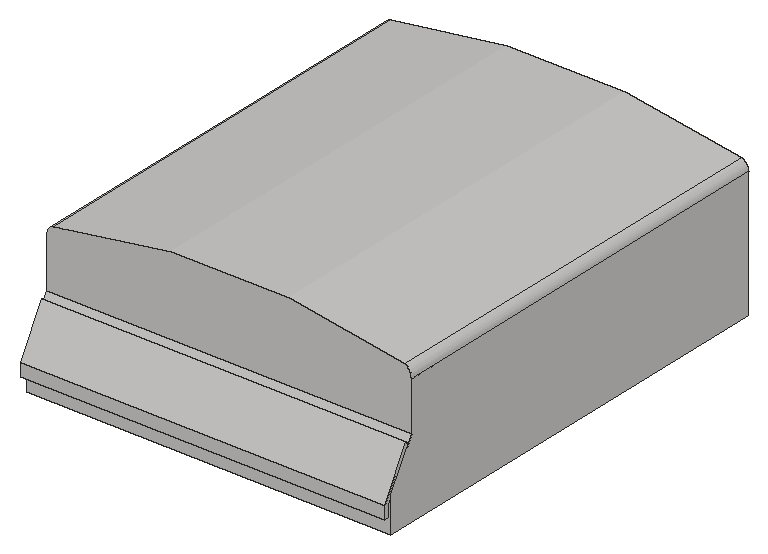
Revit family
Parameters (values of type "B-4262")
  offset [instance] = 0' - 0"
  Warranty Duration (Years) = 0
  Unit Width = 0' - 10 13/16"
  Unit Height = 1' - 1 1/4"
  Unit Depth = 0' - 4 7/8"
  URL = "http://www.bobrick.com/Pages/default.aspx"
  Specification = ""
  SpecWizard = ""
  Send Message = "http://www.arcat.com/users.pl?action=UserEmail&company=Bobrick+Washroom+Equipment,+Inc.&coid=30988&rep=156&fax=818-503-1930&mf="
  Sales Information = "http://www.bobrick.com/Pages/ContactUs.aspx"
  Revision = "R1_10-2012"
  Product Properties = ""
  Product Data = "http://arcat.com/arcatcos/cos30/arc30988.html?isac=1&r=1"
  Mounting Height [instance] = 4' - 0"
  Model = "B-4262"
  Manufacturer Website = "http://www.bobrick.com/Pages/default.aspx"
  Manufacturer Phone - Toll Free = ""
  Manufacturer Phone = "818-764-1000"
  Manufacturer Fax = "818-503-1930"
  Manufacturer Address = "11611 Hart St. North Hollywood, CA 91605-5882"
  Manufacturer = "Bobrick Washroom Equipment, Inc."
  Maintenance Schedule (Months) = 0
  Keynote = "102813"
  Installation-Fabrication = "http://www.bobrick.com/washroomaccessories/Pages/WashroomAccessories.aspx"
  Installation Phase = ""
  Green Building-LEED = ""
  Finish Material = Stainless Steel - Bobrick - Satin
  Expected Lifespan (Years) = 0
  Drawn By = "Sumex Design, Inc. / Robert S. Weygant, CSI, CDT, SCIP"
  Description = "Bobrick B-4262 Contura Series Surface Mounted Paper Towel Dispenser"
  Default Elevation = 4' - 0"
  Copyright = "©Arcat Inc."
  Construction Details = ""
  Capacity = "400 C-fold Towels  ;  525 Multifold Towels"
  Assembly Code = "E1090900"
Reference planes (in)
  plane 1 "Center (Front/Back)": y = 0.10349
  plane 2 "Bottom": z = 0
  plane 3 "Center (Left/Right)": x = 0
  plane 4 "Front": y = -6.52151
  plane 5 "Back": y = 6.72849
  plane 6 "Left": x = -5.40625
  plane 7 "Right": x = 5.40625
  plane 8 "Top": z = 4.875
  plane 9 "FF": y = -41.27151
Forms (in)
  Extrusion 1, solid, material "Stainless Steel - Bobrick - Satin" <- "Finish Material"
    sketch origin (0, 0, 0) x (0, 1, 0) y (0, 0, 1)
      loop
        line (6.72849, 0.125) -> (6.72849, 3.86098) -> (-5.77151, 3.86098) -> (-5.77151, 2.48654) -> (-6.52151, 1.1875) -> (-6.52151, 0.125) -> (6.72849, 0.125)
      loop
        line (6.60349, 0.375) -> (6.60349, 3.73598) -> (-5.64651, 3.73598) -> (-5.64651, 2.4219) -> (-6.39651, 1.12286) -> (-6.39651, 0.375) -> (6.60349, 0.375)
    from -5.40625 to 5.40625
  Extrusion 2, solid, material "Stainless Steel - Bobrick - Satin" <- "Finish Material"
    sketch origin (0, 0, 0) x (0, 1, 0) y (0, 0, 1)
      loop
        line (6.60349, 3.875) -> (-5.64651, 3.875) -> (-5.64651, 2.4219) -> (-6.39651, 1.12286) -> (-6.39651, 0.25) -> (6.60349, 0.25) -> (6.60349, 3.875)
    from -5.40625 to 5.40625
  Extrusion 3, solid, material "Stainless Steel - Bobrick - Satin" <- "Finish Material"
    sketch origin (0, 0.10349, 0) x (1, 0, 0) y (0, 0, 1)
      loop
        circle (0, 2.61612) r 0.43181
    from -6.625 to -6.8125
  Extrusion 4, solid, material "Stainless Steel - Bobrick - Satin" <- "Finish Material"
    sketch origin (0, -5.77151, 4.86201) x (0, 0, -1) y (1, 0, 0)
      loop
        line (1.23701, -5.40625) -> (1.23701, 5.40625) -> (0.91257, 5.40625)
        arc (0.91257, 5.40625) -> (0.72839, 5.3544) -> (0.59831, 5.21408) r 0.35304
        arc (0.59831, 5.21408) -> (-0.00389, 0.00062) -> (0.59802, -5.21287) r 22.87393
        arc (0.59802, -5.21287) -> (0.6868, -5.35207) -> (0.84276, -5.40625) r 0.25156
        line (0.84276, -5.40625) -> (1.23701, -5.40625)
    from -12.5 to 0
  Extrusion 5, solid, material "Stainless Steel - Bobrick - Satin" <- "Finish Material"
    sketch origin (5.40625, 16.34522, 48) x (0, 1, 0) y (0, 0, 1)
      loop
        line (-12.99173, -47.875) -> (-12.99173, -48) -> (-12.24173, -48) -> (-12.24173, -47.875) -> (-12.99173, -47.875)
      loop
        line (-20.99173, -47.875) -> (-20.99173, -48) -> (-20.24173, -48) -> (-20.24173, -47.875) -> (-20.99173, -47.875)
    from -9.95515 to -0.99961
  Extrusion 6, solid, material "Stainless Steel - Bobrick - Satin" <- "Finish Material"
    sketch origin (5.40625, 16.34522, 48) x (0, 1, 0) y (0, 0, 1)
      loop
        line (-22.22756, -45.70543) -> (-22.33582, -45.64293) -> (-23.11673, -46.99551) -> (-23.11673, -47.36705) -> (-22.99173, -47.36705) -> (-22.99173, -47.02901) -> (-22.22756, -45.70543)
    from -10.8125 to 0
Cuts and joins
  joined: Extrusion 1, Extrusion 2, Extrusion 4
Lines and regions (in)
  model lines
    curve 1: line (5.40625, -5.77151, 3.625) -> (5.40625, 6.72849, 3.625)
    curve 2: line (-5.40625, -5.77151, 3.625) -> (-5.40625, 6.72849, 3.625)
    curve 3: line (5.40625, 6.72849, 3.625) -> (-5.40625, 6.72849, 3.625)
    curve 4: line (-5.40625, -5.77151, 3.625) -> (5.40625, -5.77151, 3.625)
  symbolic lines, style "SpecialityEquipmentHiddenLines"
    curve 5: line (-5.40625, 6.72849, 0) -> (0, -5.77151, 0)
    curve 6: line (0, -5.77151, 0) -> (5.40625, 6.72849, 0)
Dimensions and locks (in)
  equal spacing: plane 6 "Left", plane 3 "Center (Left/Right)", plane 7 "Right"
  "Unit Width": plane 6 "Left" to plane 7 "Right"
  equal spacing: plane 5 "Back", plane 1 "Center (Front/Back)", plane 4 "Front"
  "Unit Height": plane 5 "Back" to plane 4 "Front"
  "Unit Depth": plane 8 "Top" to level
  "Mounting Height": plane 5 "Back" to plane 9 "FF"
  aligned and locked: plane 7 "Right" to Extrusion 2
  aligned and locked: Extrusion 2 to plane 6 "Left"
  aligned and locked: Extrusion 6 to plane 6 "Left"
  aligned and locked: plane 7 "Right" to Extrusion 6
Automatic sketch dimensions
  Extrusion 3 sketch curve to plane 3 "Center (Left/Right)" = 0' - 0"
  Extrusion 3 sketch curve to plane 8 "Top" = 0' - 2.25888"
  curve 3 to plane 7 "Right" = 0' - 0"
  curve 3 to plane 6 "Left" = 0' - 0"
  curve 3 to plane 8 "Top" = 0' - 1 1/4"
  curve 4 to Extrusion 1 = 0' - 0"  (x2)
  curve 4 to Extrusion 1 = 0' - 1.13846"
  Extrusion 4 sketch curve to Extrusion 1 = 0' - 0"  (x2)
  Extrusion 1 to Extrusion 4 sketch curve = 0' - 0.19217"
  Extrusion 4 sketch curve to Extrusion 1 = 0' - 0.40272"
  Extrusion 4 sketch curve to Extrusion 4 sketch curve = 0' - 0"  (x2)
  Extrusion 1 to Extrusion 4 sketch curve = 0' - 0.19338"
  Extrusion 4 sketch curve to Extrusion 1 = 0' - 0.40301"
  Extrusion 4 sketch curve to Extrusion 1 = 0' - 0.15827"
  Extrusion 1 to Extrusion 4 sketch curve = 0' - 0.23598"
  Extrusion 5 sketch curve to level = 0' - 0"  (x2)
  plane 4 "Front" to Extrusion 5 sketch curve = 0' - 1 7/8"
  Extrusion 5 sketch curve to Extrusion 5 sketch curve = 0' - 0 3/4"  (x2)
  level to Extrusion 5 sketch curve = 0' - 0 1/8"  (x2)
  Extrusion 5 sketch curve to plane 1 "Center (Front/Back)" = 0' - 3 1/4"
  curve 1 to plane 5 "Back" = 0' - 0"
  curve 1 to plane 8 "Top" = 0' - 1 1/4"
  curve 2 to plane 5 "Back" = 0' - 0"
  curve 2 to plane 8 "Top" = 0' - 1 1/4"
  curve 5 to plane 5 "Back" = 0' - 0"
  curve 5 to plane 6 "Left" = 0' - 0"
  curve 5 to plane 3 "Center (Left/Right)" = 0' - 0"
  curve 6 to plane 7 "Right" = 0' - 0"
  curve 6 to plane 5 "Back" = 0' - 0"
  plane 4 "Front" to Extrusion 1 sketch curve = 0' - 0 1/8"
  plane 4 "Front" to Extrusion 1 sketch curve = 0' - 0"
  Extrusion 1 sketch curve to plane 5 "Back" = 0' - 0 1/8"
  Extrusion 1 sketch curve to plane 5 "Back" = 0' - 0"
  level to Extrusion 1 sketch curve = 0' - 0 1/8"
  Extrusion 1 sketch curve to Extrusion 1 sketch curve = 0' - 0 1/4"
  Extrusion 1 sketch curve to Extrusion 1 sketch curve = 0' - 0.74786"
  Extrusion 1 sketch curve to Extrusion 1 sketch curve = 0' - 0.06464"  (x2)
  Extrusion 1 sketch curve to Extrusion 1 sketch curve = 0' - 1.29904"
  Extrusion 1 sketch curve to plane 8 "Top" = 0' - 1.13902"
  Extrusion 1 sketch curve to Extrusion 1 sketch curve = 0' - 0 1/8"  (x2)
  plane 4 "Front" to Extrusion 2 sketch curve = 0' - 0 1/8"
  Extrusion 2 sketch curve to plane 5 "Back" = 0' - 0 1/8"
  level to Extrusion 2 sketch curve = 0' - 0 1/4"
  Extrusion 2 sketch curve to Extrusion 2 sketch curve = 0' - 0.87286"
  Extrusion 2 sketch curve to Extrusion 2 sketch curve = 0' - 1.29904"
  Extrusion 2 sketch curve to plane 8 "Top" = 0' - 1"
  plane 4 "Front" to curve 6 = 0' - 0 3/4"
  plane 4 "Front" to Extrusion 1 sketch curve = 0' - 0 3/4"
  plane 4 "Front" to Extrusion 2 sketch curve = 0' - 0 7/8"
  plane 4 "Front" to curve 1 = 0' - 0 3/4"
  plane 4 "Front" to curve 2 = 0' - 0 3/4"
  Extrusion 6 sketch curve to plane 4 "Front" = 0' - 0 1/4"
  Extrusion 6 sketch curve to plane 4 "Front" = 0' - 0 1/8"
  plane 4 "Front" to Extrusion 6 sketch curve = 0' - 0.53091"
  Extrusion 6 sketch curve to Extrusion 6 sketch curve = 0' - 0.10825"
  level to Extrusion 6 sketch curve = 0' - 0.63295"
  Extrusion 6 sketch curve to Extrusion 6 sketch curve = 0' - 0.33804"
  Extrusion 6 sketch curve to Extrusion 6 sketch curve = 0' - 0.03349"
  radius of Extrusion 3 sketch curve = 0' - 0.43181"
